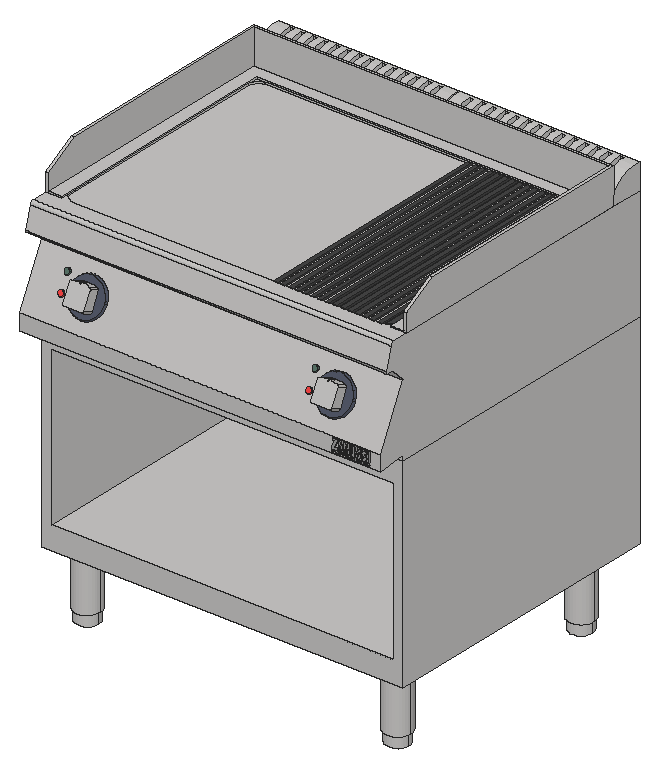
Revit family "QF_ZANUSSI_372331_Z7IIMDBLMEA", category Specialty Equipment, Revit 2018 (continued)
Automatic sketch dimensions
  curve 178 to curve 179 = 16.5 mm
  curve 179 to curve 180 = 16.5 mm
  curve 180 to curve 181 = 16.5 mm
  curve 181 to curve 182 = 16.5 mm
  curve 182 to curve 183 = 16.5 mm
  curve 183 to curve 184 = 16.5 mm
  curve 184 to curve 185 = 16.5 mm
  curve 185 to curve 186 = 16.475 mm
  curve 186 to curve 187 = 16.5 mm
  curve 188 to plane 18 = 8.425 mm
  plane 18 to curve 189 = 8.286 mm
  curve 149 to curve 184 = 18.876 mm
  curve 184 to curve 185 = 0 mm
  plane 11 to curve 188 = 47 mm
  plane 11 to curve 179 = 47 mm
  curve 174 to curve 176 = 0 mm  (x2)
  curve 176 to curve 177 = 0 mm  (x2)
  curve 187 to curve 188 = 0 mm  (x2)
  curve 185 to curve 186 = 0 mm  (x2)
  curve 179 to curve 180 = 0 mm
  curve 183 to curve 184 = 0 mm  (x2)
  curve 177 to curve 178 = 0 mm
  curve 182 to curve 183 = 0 mm  (x2)
  curve 175 to curve 176 = 0 mm  (x2)
  curve 180 to curve 181 = 0 mm  (x2)
  curve 188 to curve 189 = 6.271 mm
  curve 189 to plane 12 = 36.482 mm
  curve 174 to curve 122 = 40.974 mm
  curve 183 to curve 98 = 40.974 mm
  curve 181 to curve 183 = 0 mm
  curve 176 to curve 178 = 0 mm
  curve 186 to curve 90 = 40.974 mm
  curve 178 to curve 179 = 0 mm
  curve 189 to curve 188 = 6.271 mm
  radius of Blend 11 sketch curve = 42.5 mm
  radius of Blend 11 sketch curve = 40.5 mm
  radius of Extrusion 14 sketch curve = 6 mm
  radius of Split face 1 sketch curve = 1.5 mm
  radius of Split face 2 sketch curve = 1.5 mm
  radius of Split face 3 sketch curve = 1.5 mm
  radius of Split face 4 sketch curve = 1.5 mm
  radius of Split face 5 sketch curve = 1.5 mm
  radius of Split face 6 sketch curve = 1.5 mm
  radius of Split face 7 sketch curve = 1.5 mm
  radius of Split face 8 sketch curve = 1.5 mm
  radius of Split face 9 sketch curve = 1.5 mm
  radius of Extrusion 16 sketch curve = 6 mm
  radius of Blend 17 sketch curve = 42.5 mm
  radius of Blend 17 sketch curve = 40.5 mm
  radius of Extrusion 20 sketch curve = 6 mm
  radius of Split face 10 sketch curve = 1.5 mm
  radius of Split face 11 sketch curve = 1.5 mm
  radius of Split face 12 sketch curve = 1.5 mm
  radius of Split face 13 sketch curve = 1.5 mm
  radius of Split face 14 sketch curve = 1.5 mm
  radius of Split face 15 sketch curve = 1.5 mm
  radius of Split face 16 sketch curve = 1.5 mm
  radius of Split face 17 sketch curve = 1.5 mm
  radius of Split face 18 sketch curve = 1.5 mm
  radius of Extrusion 22 sketch curve = 6 mm
  radius of Extrusion 25 sketch curve = 10 mm  (x2)
Nested families
  nested 1: "Foot H200" at (56, -91, 0), type "Foot H200"
  nested 2: "Foot H200" at (744, -91, 0) x (-1, 0, 0) z (0, 0, 1), type "Foot H200"
  nested 3: "Foot H200" at (56, -600, 0), type "Foot H200"
  nested 4: "Foot H200" at (744, -600, 0) x (-1, 0, 0) z (0, 0, 1), type "Foot H200"
  nested 5: "ZAN_Logo_S_Grey_Professional" at (733.976, -716, 628.49) x (1, 0, 0) z (0, -1, 0), type "ZAN_Logo_S_Grey_Professional"
Connectors
  electrical at (748, -29, 139)
    settings: on Extrusion 25, index 1, voltage 0 V, apparent load 0 VA, apparent load phase1 0 VA, apparent load phase2 0 VA, apparent load phase3 0 VA, power factor 1, load classification "Altro", number of poles 1, system type 30, power factor state 1, is connector primary yes, connector utility no, sub classification motor no, connector description "electrical"
  electrical at (748, -506, 139)
    settings: on Extrusion 25, index 2, voltage 0 V, apparent load 0 VA, apparent load phase1 0 VA, apparent load phase2 0 VA, apparent load phase3 0 VA, power factor 1, load classification "Altro", number of poles 1, system type 30, power factor state 1, is connector primary no, connector utility no, sub classification motor no, connector description "electrical"
Definition of nested family "Foot H200"
  Reference planes
    plane 1 "Centro (Fronte/Retro)": y = 0
    plane 2: z = 0
    plane 3 "Centro (Sinistra/Destra)": x = 0
    plane 4: z = 149
  Forms (mm)
    Revolve 1, solid
      sketch origin (255.05, 0, 608.09) x (0, 0, 1) y (-1, 0, 0)
        loop
          line (-608.09, 255.05) -> (-608.09, 230.05) -> (-583.09, 230.05) -> (-583.09, 226.05) -> (-459.09, 226.05) -> (-459.09, 255.05) -> (-608.09, 255.05)
        axis (-608.09, 255.05) -> (-459.09, 255.05)
      angle from 0 to 360
  Dimensions and locks
    Revolve 1 sketch curve to Revolve 1 sketch curve = 124 mm
    plane 4 to level = 149 mm
    aligned and locked: level to plane 2
    aligned and locked: plane 4 to Revolve 1 sketch curve
    aligned and locked: Revolve 1 sketch curve to level
    aligned and locked: plane 3 "Centro (Sinistra/Destra)" to Revolve 1 sketch curve
Definition of nested family "ZAN_Logo_S_Grey_Professional"
  Parameters (values of type "ZAN_Logo_S_Grey_Professional")
    Default Elevation = 0 mm
    Materiale = none
  Reference planes
    plane 1 "Centro (Fronte/Retro)": y = 0
    plane 2: z = 0
    plane 3 "Centro (Sinistra/Destra)": x = 0
  Forms (mm)
    Extrusion 1, solid
      sketch origin (0, 0, 0) x (1, 0, 0) y (0, 1, 0)
        loop
          line (-1219.2, 1219.2) -> (-1219.2, -1219.2) -> (1219.2, -1219.2) -> (1219.2, 1219.2) -> (-1219.2, 1219.2)
      from 0 to -304.8
    Extrusion 2, solid, material <- "Materiale"
      sketch origin (17.793, -46.218, 0) x (-1, 0, 0) y (0, -1, 0)
        loop
          spline (-1.644, -54.786) -> (-1.034, -55.008) -> (-0.403, -55.173) -> (0.241, -55.279) -> (0.893, -55.327) -> (1.547, -55.314) -> (2.197, -55.242) -> (2.836, -55.109) -> (3.458, -54.916) -> (4.058, -54.662) -> (4.629, -54.345) -> (5.165, -53.967) -> (5.66, -53.526)
          spline (5.66, -53.526) -> (5.954, -53.066) -> (6.206, -52.57) -> (6.417, -52.047) -> (6.588, -51.502) -> (6.718, -50.944) -> (6.809, -50.378) -> (6.86, -49.813) -> (6.872, -49.254) -> (6.846, -48.71) -> (6.782, -48.186) -> (6.68, -47.691) -> (6.541, -47.23)
          line (6.541, -47.23) -> (4.526, -44.334) -> (2.386, -42.445)
          spline (2.386, -42.445) -> (2.16, -42.258) -> (1.927, -42.074) -> (1.689, -41.89) -> (1.448, -41.703) -> (1.207, -41.512) -> (0.969, -41.312) -> (0.736, -41.101) -> (0.511, -40.878) -> (0.296, -40.639) -> (0.095, -40.381) -> (-0.091, -40.103) -> (-0.259, -39.8)
          spline (-0.259, -39.8) -> (-0.29, -39.607) -> (-0.318, -39.405) -> (-0.339, -39.197) -> (-0.352, -38.984) -> (-0.352, -38.771) -> (-0.337, -38.557) -> (-0.304, -38.346) -> (-0.249, -38.14) -> (-0.17, -37.941) -> (-0.063, -37.751) -> (0.074, -37.573) -> (0.245, -37.408)
          line (0.245, -37.408) -> (1.882, -37.282)
          spline (1.882, -37.282) -> (2.188, -37.491) -> (2.42, -37.736) -> (2.586, -38.012) -> (2.698, -38.313) -> (2.765, -38.633) -> (2.795, -38.966) -> (2.799, -39.308) -> (2.787, -39.651) -> (2.767, -39.991) -> (2.751, -40.322) -> (2.746, -40.638) -> (2.763, -40.934)
          line (2.763, -40.934) -> (7.171, -40.934)
          spline (7.171, -40.934) -> (7.223, -40.399) -> (7.252, -39.866) -> (7.257, -39.336) -> (7.236, -38.812) -> (7.187, -38.295) -> (7.108, -37.786) -> (6.997, -37.288) -> (6.854, -36.802) -> (6.675, -36.33) -> (6.46, -35.874) -> (6.206, -35.435) -> (5.912, -35.015)
          spline (5.912, -35.015) -> (5.55, -34.687) -> (5.16, -34.396) -> (4.745, -34.14) -> (4.307, -33.92) -> (3.85, -33.734) -> (3.377, -33.583) -> (2.891, -33.466) -> (2.395, -33.383) -> (1.892, -33.333) -> (1.385, -33.316) -> (0.877, -33.331) -> (0.371, -33.378)
          spline (0.371, -33.378) -> (-0.163, -33.462) -> (-0.693, -33.587) -> (-1.213, -33.752) -> (-1.718, -33.957) -> (-2.205, -34.2) -> (-2.667, -34.48) -> (-3.1, -34.798) -> (-3.5, -35.151) -> (-3.861, -35.539) -> (-4.179, -35.961) -> (-4.449, -36.417) -> (-4.666, -36.904)
          spline (-4.666, -36.904) -> (-4.8, -37.505) -> (-4.888, -38.107) -> (-4.93, -38.709) -> (-4.927, -39.306) -> (-4.881, -39.897) -> (-4.792, -40.477) -> (-4.661, -41.045) -> (-4.489, -41.596) -> (-4.276, -42.128) -> (-4.025, -42.638) -> (-3.735, -43.122) -> (-3.407, -43.578)
          line (-3.407, -43.578) -> (1.63, -48.112) -> (2.26, -48.867)
          spline (2.26, -48.867) -> (2.325, -49.027) -> (2.392, -49.191) -> (2.459, -49.359) -> (2.521, -49.529) -> (2.576, -49.702) -> (2.622, -49.874) -> (2.654, -50.047) -> (2.67, -50.22) -> (2.667, -50.39) -> (2.642, -50.558) -> (2.591, -50.722) -> (2.512, -50.882)
          spline (2.512, -50.882) -> (2.439, -51.029) -> (2.347, -51.157) -> (2.24, -51.266) -> (2.12, -51.358) -> (1.989, -51.434) -> (1.851, -51.496) -> (1.707, -51.545) -> (1.56, -51.582) -> (1.414, -51.608) -> (1.27, -51.625) -> (1.131, -51.635) -> (1.001, -51.638)
          line (1.001, -51.638) -> (-0.259, -50.756) -> (-0.385, -48.112) -> (-4.54, -48.112)
          spline (-4.54, -48.112) -> (-4.545, -48.463) -> (-4.556, -48.822) -> (-4.572, -49.188) -> (-4.587, -49.557) -> (-4.598, -49.929) -> (-4.603, -50.3) -> (-4.597, -50.668) -> (-4.577, -51.031) -> (-4.54, -51.388) -> (-4.482, -51.735) -> (-4.399, -52.071) -> (-4.288, -52.393)
          spline (-4.288, -52.393) -> (-4.176, -52.644) -> (-4.031, -52.894) -> (-3.857, -53.139) -> (-3.659, -53.377) -> (-3.439, -53.607) -> (-3.202, -53.825) -> (-2.952, -54.031) -> (-2.693, -54.221) -> (-2.429, -54.394) -> (-2.163, -54.547) -> (-1.9, -54.678) -> (-1.644, -54.786)
        loop
          spline (-16.755, -52.519) -> (-16.407, -53.083) -> (-15.998, -53.58) -> (-15.535, -54.012) -> (-15.024, -54.38) -> (-14.474, -54.684) -> (-13.89, -54.927) -> (-13.28, -55.11) -> (-12.651, -55.233) -> (-12.009, -55.299) -> (-11.362, -55.308) -> (-10.717, -55.263) -> (-10.081, -55.163)
          spline (-10.081, -55.163) -> (-9.638, -55.08) -> (-9.196, -54.956) -> (-8.761, -54.793) -> (-8.336, -54.594) -> (-7.93, -54.36) -> (-7.547, -54.093) -> (-7.192, -53.794) -> (-6.872, -53.466) -> (-6.592, -53.109) -> (-6.358, -52.726) -> (-6.176, -52.319) -> (-6.051, -51.889)
          spline (-6.051, -51.889) -> (-5.857, -51.316) -> (-5.715, -50.731) -> (-5.626, -50.14) -> (-5.589, -49.548) -> (-5.605, -48.959) -> (-5.673, -48.379) -> (-5.794, -47.812) -> (-5.967, -47.263) -> (-6.193, -46.736) -> (-6.471, -46.237) -> (-6.802, -45.771) -> (-7.185, -45.341)
          line (-7.185, -45.341) -> (-11.844, -41.186) -> (-12.851, -39.675)
          spline (-12.851, -39.675) -> (-12.882, -39.483) -> (-12.91, -39.288) -> (-12.934, -39.09) -> (-12.949, -38.891) -> (-12.954, -38.692) -> (-12.946, -38.494) -> (-12.921, -38.299) -> (-12.879, -38.108) -> (-12.816, -37.922) -> (-12.729, -37.742) -> (-12.615, -37.57) -> (-12.473, -37.408)
          line (-12.473, -37.408) -> (-11.214, -37.156)
          spline (-11.214, -37.156) -> (-10.768, -37.262) -> (-10.429, -37.445) -> (-10.183, -37.695) -> (-10.015, -38) -> (-9.912, -38.349) -> (-9.86, -38.73) -> (-9.845, -39.132) -> (-9.852, -39.544) -> (-9.868, -39.954) -> (-9.879, -40.351) -> (-9.871, -40.723) -> (-9.829, -41.06)
          line (-9.829, -41.06) -> (-5.422, -40.934)
          spline (-5.422, -40.934) -> (-5.367, -40.392) -> (-5.333, -39.839) -> (-5.323, -39.279) -> (-5.342, -38.719) -> (-5.395, -38.162) -> (-5.485, -37.613) -> (-5.616, -37.077) -> (-5.795, -36.559) -> (-6.024, -36.064) -> (-6.308, -35.597) -> (-6.651, -35.162) -> (-7.059, -34.764)
          spline (-7.059, -34.764) -> (-7.58, -34.383) -> (-8.132, -34.06) -> (-8.711, -33.794) -> (-9.311, -33.584) -> (-9.927, -33.43) -> (-10.553, -33.331) -> (-11.184, -33.288) -> (-11.816, -33.299) -> (-12.442, -33.365) -> (-13.057, -33.484) -> (-13.657, -33.657) -> (-14.236, -33.882)
          spline (-14.236, -33.882) -> (-14.49, -33.99) -> (-14.747, -34.121) -> (-15.006, -34.276) -> (-15.262, -34.451) -> (-15.515, -34.646) -> (-15.763, -34.858) -> (-16.003, -35.086) -> (-16.232, -35.328) -> (-16.45, -35.582) -> (-16.653, -35.847) -> (-16.839, -36.12) -> (-17.007, -36.401)
          spline (-17.007, -36.401) -> (-17.229, -37.006) -> (-17.395, -37.624) -> (-17.502, -38.25) -> (-17.552, -38.882) -> (-17.544, -39.515) -> (-17.479, -40.147) -> (-17.355, -40.773) -> (-17.174, -41.391) -> (-16.936, -41.996) -> (-16.639, -42.586) -> (-16.285, -43.157) -> (-15.873, -43.704)
          line (-15.873, -43.704) -> (-10.584, -48.489) -> (-9.955, -50.126) -> (-10.459, -51.386) -> (-11.592, -51.638) -> (-12.851, -50.756) -> (-12.977, -48.238) -> (-17.258, -48.112)
          spline (-17.258, -48.112) -> (-17.236, -48.492) -> (-17.23, -48.875) -> (-17.233, -49.261) -> (-17.24, -49.646) -> (-17.245, -50.03) -> (-17.243, -50.41) -> (-17.227, -50.785) -> (-17.193, -51.152) -> (-17.134, -51.512) -> (-17.046, -51.86) -> (-16.921, -52.196) -> (-16.755, -52.519)
        loop
          line (-18.014, -33.378) -> (-22.421, -33.378) -> (-22.421, -54.911) -> (-18.014, -54.911) -> (-18.014, -33.378)
        loop
          line (14.852, -38.541) -> (14.852, -54.911) -> (19.259, -54.911) -> (19.259, -40.43) -> (19.008, -36.904) -> (18.63, -36.023) -> (17.748, -34.89) -> (16.867, -34.26) -> (15.104, -33.504) -> (14.223, -33.378) -> (12.208, -33.378) -> (11.2, -33.63) -> (9.689, -34.512) -> (7.926, -37.03) -> (7.8, -37.912) -> (7.8, -54.911) -> (12.208, -54.911) -> (12.208, -38.919) -> (12.711, -37.786) -> (14.097, -37.66) -> (14.852, -38.541)
        loop
          line (20.267, -54.911) -> (24.296, -54.911) -> (24.296, -41.186) -> (27.948, -54.911) -> (32.607, -54.911) -> (32.607, -33.378) -> (28.704, -33.378) -> (28.704, -47.608) -> (25.052, -33.378) -> (20.267, -33.378) -> (20.267, -54.911)
        loop
          line (47.089, -54.911) -> (58.044, -54.911) -> (58.044, -50.882) -> (52.251, -51.008) -> (58.548, -37.786) -> (58.548, -33.378) -> (47.089, -33.378) -> (47.089, -37.786) -> (53.698, -37.786) -> (47.089, -51.26) -> (47.089, -54.911)
        loop
          line (36.889, -54.911) -> (42.933, -54.911) -> (46.837, -33.378) -> (42.303, -33.378) -> (41.674, -37.534) -> (38.022, -37.534) -> (37.392, -33.378) -> (32.859, -33.378) -> (36.889, -54.911)
        loop
          line (41.17, -41.438) -> (38.652, -41.438) -> (39.911, -51.231) -> (41.17, -41.438)
        loop
          line (57.627, -27.599) -> (56.511, -27.599)
          arc (56.511, -27.599) -> (55.334, -29.219) -> (56.822, -30.559) r 1.496
          line (56.822, -30.559) -> (58.548, -30.559) -> (58.548, -26.082) -> (57.627, -26.082) -> (57.627, -27.599)
        loop
          line (57.627, -29.713) -> (57.627, -28.464) -> (56.699, -28.464)
          arc (56.699, -28.464) -> (56.24, -29.089) -> (56.699, -29.713) r 0.654
          line (56.699, -29.713) -> (57.627, -29.713)
        loop
          line (50.633, -27.625) -> (49.682, -27.625) -> (48.755, -26.082) -> (47.711, -26.082) -> (48.871, -27.993)
          arc (48.871, -27.993) -> (48.433, -29.601) -> (49.798, -30.559) r 1.45
          line (49.798, -30.559) -> (51.553, -30.559) -> (51.553, -26.082) -> (50.633, -26.082) -> (50.633, -27.625)
        loop
          line (50.633, -29.713) -> (50.633, -28.464) -> (49.705, -28.464)
          arc (49.705, -28.464) -> (49.245, -29.089) -> (49.705, -29.713) r 0.654
          line (49.705, -29.713) -> (50.633, -29.713)
        loop
          line (36.111, -26.082) -> (35.19, -26.082) -> (35.19, -27.797) -> (33.505, -27.797) -> (33.505, -28.718) -> (35.19, -28.718) -> (35.19, -29.639) -> (33.344, -29.639) -> (33.344, -30.559) -> (36.111, -30.559) -> (36.111, -26.082)
        loop
          line (29.546, -26.082) -> (26.666, -26.082) -> (26.666, -27.002) -> (28.626, -27.002) -> (28.626, -27.797) -> (26.835, -27.797) -> (26.835, -28.718) -> (28.626, -28.718) -> (28.626, -29.639) -> (26.71, -29.639) -> (26.71, -30.559) -> (29.546, -30.559) -> (29.546, -26.082)
        loop
          line (9.21, -26.082) -> (8.289, -26.082) -> (8.289, -30.559) -> (9.21, -30.559) -> (9.21, -26.082)
        loop
          line (-5.024, -26.082) -> (-5.024, -28.898) -> (-7.072, -26.082) -> (-7.993, -26.082) -> (-7.993, -30.559) -> (-7.037, -30.559) -> (-7.037, -27.659) -> (-4.989, -30.559) -> (-4.069, -30.559) -> (-4.069, -26.082) -> (-5.024, -26.082)
        loop
          line (-11.621, -26.082) -> (-12.61, -26.082) -> (-13.045, -27.048) -> (-14.702, -27.048) -> (-15.137, -26.082) -> (-16.125, -26.082) -> (-14.375, -30.558) -> (-13.454, -30.558) -> (-11.621, -26.082)
        loop
          line (-19.779, -26.082) -> (-22.421, -26.082) -> (-22.421, -27.002) -> (-20.7, -27.002) -> (-20.7, -30.559) -> (-19.779, -30.559) -> (-19.779, -26.082)
        loop
          line (-13.875, -29.102) -> (-13.395, -27.931) -> (-14.333, -27.931) -> (-13.875, -29.102)
        loop
          circle (2.094, -28.293) r 1.482
        loop
          circle (2.094, -28.293) r 2.376
        loop
          arc (16.413, -27.085) -> (15.386, -26.141) -> (13.991, -26.107) r 1.985
          arc (13.991, -26.107) -> (13.047, -26.998) -> (13.375, -28.254) r 1.274
          arc (13.375, -28.254) -> (14.04, -28.662) -> (14.749, -28.985) r 6.355
          arc (14.749, -28.985) -> (15.14, -29.579) -> (14.494, -29.876) r 0.469
          arc (14.494, -29.876) -> (14.107, -29.64) -> (13.784, -29.321) r 1.958
          line (13.784, -29.321) -> (12.995, -29.795)
          arc (12.995, -29.795) -> (13.493, -30.326) -> (14.109, -30.712) r 2.834
          arc (14.109, -30.712) -> (16.031, -29.813) -> (14.826, -28.067) r 1.389
          spline (14.826, -28.067) -> (14.485, -27.906) -> (14.237, -27.756) -> (14.069, -27.617) -> (13.971, -27.49) -> (13.931, -27.375) -> (13.937, -27.273) -> (13.977, -27.185) -> (14.041, -27.112) -> (14.116, -27.053) -> (14.191, -27.011) -> (14.254, -26.985) -> (14.293, -26.976)
          arc (14.293, -26.976) -> (15.035, -26.992) -> (15.586, -27.489) r 1.064
          line (15.586, -27.489) -> (16.413, -27.085)
        loop
          arc (23.156, -27.085) -> (22.129, -26.141) -> (20.734, -26.107) r 1.985
          arc (20.734, -26.107) -> (19.79, -26.998) -> (20.118, -28.254) r 1.274
          arc (20.118, -28.254) -> (20.783, -28.662) -> (21.492, -28.985) r 6.355
          arc (21.492, -28.985) -> (21.883, -29.579) -> (21.237, -29.876) r 0.469
          arc (21.237, -29.876) -> (20.849, -29.64) -> (20.527, -29.321) r 1.958
          line (20.527, -29.321) -> (19.738, -29.795)
          arc (19.738, -29.795) -> (20.236, -30.326) -> (20.852, -30.712) r 2.834
          arc (20.852, -30.712) -> (22.774, -29.813) -> (21.568, -28.067) r 1.389
          spline (21.568, -28.067) -> (21.228, -27.906) -> (20.979, -27.756) -> (20.812, -27.617) -> (20.714, -27.49) -> (20.674, -27.375) -> (20.68, -27.273) -> (20.72, -27.185) -> (20.784, -27.112) -> (20.859, -27.053) -> (20.933, -27.011) -> (20.996, -26.985) -> (21.036, -26.976)
          arc (21.036, -26.976) -> (21.778, -26.992) -> (22.329, -27.489) r 1.064
          line (22.329, -27.489) -> (23.156, -27.085)
        loop
          circle (42.369, -28.293) r 1.482
        loop
          circle (42.369, -28.293) r 2.376
      from 0 to 1.644
  Dimensions and locks
    aligned and locked: plane 2 to Extrusion 1
    aligned and locked: level to Extrusion 1
